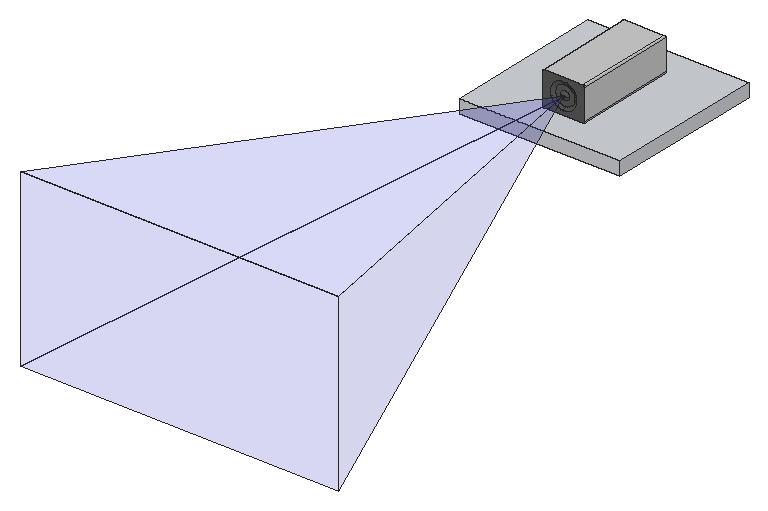
Revit family "Camera-Security-Canon-Box", category Security Devices, host Face, Revit 2012
Parameters (values of type "2.1 MP, Standard")
  zz YesNo 9 [instance] = 1 = 0  # no
  zz YesNo 8 [instance] = and(zz YesNo 10)  # no
  zz YesNo 7 [instance] = and(not(zz YesNo 10), Has 16 x 9 Wide Field of View)  # no
  zz YesNo 6 [instance] = and(not(zz YesNo 10), or(zz Integer 1 = 4, zz Integer 1 = 5))  # no
  zz YesNo 5 [instance] = and(not(zz YesNo 10), or(Has Wall Mount with Roof Adapter and Sun Shield, Has Wall Mount with Ceiling Adaptor and Sun Shield, Has Wall Mount with Sun Shield, Has Stainless Steel Wall Mount with Heater and Blower and Sun Shield, Has Steel Wall Mount with Heater and Blower and Sun Shield))  # no
  zz YesNo 4 [instance] = and(not(Unit is Wall Mounted), zz YesNo 15)  # no
  zz YesNo 3 [instance] = and(not(zz YesNo 10), or(zz Integer 1 = 1, zz Integer 1 = 2, zz Integer 1 = 3))  # no
  zz YesNo 2 [instance] = and(not(zz YesNo 10))  # yes
  zz YesNo 19 [instance] = and(or(zz Integer 2 = 1, zz Integer 2 = 4), or(zz Integer 1 = 1, zz Integer 1 = 2, zz Integer 1 = 3))  # no
  zz YesNo 18 [instance] = and(not(zz YesNo 10), Has 4 x 3 Narrow Field of View)  # yes
  zz YesNo 17 [instance] = and(not(Unit is Wall Mounted), zz YesNo 11)  # no
  zz YesNo 16 [instance] = and(not(zz YesNo 10), or(zz Integer 1 = 2))  # no
  zz YesNo 15 [instance] = or(zz YesNo 6, zz YesNo 11)  # no
  zz YesNo 14 [instance] = and(and(Unit is Wall Mounted), zz YesNo 15)  # no
  zz YesNo 13 [instance] = and(not(zz YesNo 10), or(zz Integer 1 = 3))  # no
  zz YesNo 12 [instance] = not(1 = (if(Has No Mount, 1, 0) + if(Has Generic Wall Mount Bracket Hanging, 1, 0) + if(zz YesNo 9, 1, 0) + if(Has Wall Mount, 1, 0) + if(Has Wall Mount with Ceiling Adaptor, 1, 0) + if(Has Wall Mount with Roof Adaptor, 1, 0) + if(Has Generic Ceiling Mount Bracket, 1, 0) + if(Has Wall Mount with Sun Shield, 1, 0) + if(Has Wall Mount with Ceiling Adaptor and Sun Shield, 1, 0) + if(Has Wall Mount with Roof Adapter and Sun Shield, 1, 0) + if(Has Steel Wall Mount with Heater and Blower and Sun Shield, 1, 0) + if(Has Steel Wall Mount with Heater and Blower, 1, 0) + if(Has Stainless Steel Wall Mount with Heater and Blower and Sun Shield, 1, 0) + if(Has Stainless Steel Wall Mount with Heater and Blower, 1, 0)))  # no
  zz YesNo 11 [instance] = and(not(zz YesNo 10), or(zz Integer 1 = 5, zz Integer 1 = 6))  # no
  zz YesNo 10 [instance] = or(zz YesNo 12, zz YesNo 19)  # no
  zz YesNo 1 [instance] = and(not(zz YesNo 10), Has Field of View)  # yes
  zz Text 6 [instance] = if(zz Integer 2 = 1, "VB-S900F", if(zz Integer 2 = 2, "VB-M720F", if(zz Integer 2 = 3, "VB-H730F", if(zz Integer 2 = 4, "VB-S905F", "Not Available"))))  # "VB-H730F"
  zz Text 5 [instance] = "ERROR: Micro boxes are not compatible with the Box Mounts"  # constant formula
  zz Text 4 [instance] = if(zz YesNo 12, zz Text 3, if(zz YesNo 19, zz Text 5, "Available"))  # "Available"
  zz Text 3 [instance] = "ERROR: Select One Mount Option"  # constant formula
  zz Text 2 [instance] = if(and(zz Integer 1 = 1, Has Steel Wall Mount with Heater and Blower), "A-OH15FBHSET(OW)", if(and(zz Integer 1 = 1, Has Steel Wall Mount with Heater and Blower and Sun Shield), "A-OH15FBHSET(OW) with A-SY15", if(and(zz Integer 1 = 1, Has Stainless Steel Wall Mount with Heater and Blower), "A-OH15FBHSET-S(OW)", if(and(zz Integer 1 = 1, Has Stainless Steel Wall Mount with Heater and Blower and Sun Shield), "A-OH15FBHSET-S(OW) with A-SY15", if(and(Has Wall Mount with Sun Shield, zz Integer 1 = 1), "A-OH15F with A-SY15", if(zz Integer 1 = 1, "A-OH15F", if(and(Has Wall Mount with Ceiling Adaptor and Sun Shield, zz Integer 1 = 2), "A-CA15G with A-SY15", if(zz Integer 1 = 2, "A-CA15G", if(and(Has Wall Mount with Roof Adapter and Sun Shield, zz Integer 1 = 3), "A-CA15G With A-SY15", if(zz Integer 1 = 3, "A-CA15G", if(zz Integer 1 = 4, "Generic Mount Bracket", if(zz Integer 1 = 6, "Generic Mount Bracket", if(zz Integer 1 = 5, "Generic Mount Bracket", "None Selected")))))))))))))  # "None Selected"
  zz Text 1 [instance] = if(or(zz Integer 2 = 2, zz Integer 2 = 4), "1.3 Megapixel Network Box Camera", if(or(zz Integer 2 = 1, zz Integer 2 = 3), "2.1 Megapixel Network Box Camera", "Not Available"))  # "2.1 Megapixel Network Box Camera"
  zz Length 9 = if(zz Integer 2 = 1, 1.250", if(zz Integer 2 = 2, 3.150", if(zz Integer 2 = 3, 3.150", if(zz Integer 2 = 4, 1.250", 2.130"))))  # 3.150"
  zz Length 82 [instance] = zz Length 30 - 3.132" - zz Length 36  # 12.808"
  zz Length 81 [instance] = (zz Length 30 - zz Length 73) + (zz Length 6 / 2) + 1.322"  # 22.142"
  zz Length 80 [instance] = 100.000"
  zz Length 8 [instance] = 1.000"  # constant formula
  zz Length 79 = 6.275"  # constant formula
  zz Length 78 [instance] = if(0 = 0, 0, 0) * 0.000"  # 0.000"
  zz Length 77 = 3.116"  # constant formula
  zz Length 76 [instance] = (zz Length 30 - zz Length 73) + (zz Length 6 / 2) + 1.322"  # 22.142"
  zz Length 75 [instance] = if(zz Integer 1 = 0, 0.000", if(zz Integer 1 = 1, -(1.952" + zz Length 36), if(zz Integer 1 = 2, 1.952", if(zz Integer 1 = 3, -(1.952" + zz Length 36), if(zz Integer 1 = 4, -zz Length 36, if(zz Integer 1 = 5, 0.000", if(zz Integer 1 = 6, -zz Length 36, zz Length 36)))))))  # 0.000"
  zz Length 74 [instance] = zz Length 15  # 8.742"
  zz Length 73 = 1.125"  # constant formula
  zz Length 72 [instance] = if(1 = 1, 1, 1) * zz Length 13  # 100.000"
  zz Length 71 = -6.085"  # constant formula
  zz Length 70 [instance] = if(1 = 1, 1, 1) * zz Length 80  # 100.000"
  zz Length 7 [instance] = zz Length 27  # 17.375"
  zz Length 69 = 6.150"  # constant formula
  zz Length 68 [instance] = if(0 = 0, 0, 0) * 0.000"  # 0.000"
  zz Length 67 = 6.275"  # constant formula
  zz Length 66 = 10.107" - 1.365"  # 8.742"
  zz Length 65 = 1.153"  # constant formula
  zz Length 64 [instance] = zz Length 30  # 18.500"
  zz Length 63 [instance] = zz Length 40  # 2.560"
  zz Length 62 = -1.153"  # constant formula
  zz Length 61 [instance] = (zz Length 20 / 2) + zz Length 10 - zz Length 26 - 1.155"  # 8.661"
  zz Length 60 [instance] = 0.250"  # constant formula
  zz Length 6 = 6.890"  # constant formula
  zz Length 59 [instance] = zz Length 3  # 4.000"
  zz Length 58 [instance] = (zz Length 66 / 1)  # 8.742"
  zz Length 57 [instance] = zz Length 27  # 17.375"
  zz Length 56 [instance] = ((zz Length 31 / 2) * cos(90.000° - zz Angle 19)) * if(zz Integer 1 = 1, 1, 0)  # 0.000"
  zz Length 55 = 0.500"  # constant formula
  zz Length 54 [instance] = if(1 = 1, 1, 1) * zz Length 21  # 100.000"
  zz Length 53 = 3.200"  # constant formula
  zz Length 52 = 2.305"  # constant formula
  zz Length 51 [instance] = 0.000"  # constant formula
  zz Length 50 [instance] = 0.250" + if(zz YesNo 10, 12.000", 0.000")  # 0.250"
  zz Length 5 [instance] = if(1 = 1, 1, 1) * zz Length 25  # 100.000"
  zz Length 49 [instance] = (zz Length 20 / 2) + zz Length 26 + 1.155"  # 6.167"
  zz Length 48 = 0.000" + 20.000"  # 20.000"
  zz Length 47 [instance] = (zz Length 30 - zz Length 73)  # 17.375"
  zz Length 46 [instance] = zz Length 51 * (2) + if(zz Integer 1 = 0, zz Length 44, if(zz Integer 1 = 1, zz Length 57, if(zz Integer 1 = 2, zz Length 7, if(zz Integer 1 = 3, zz Length 12, if(zz Integer 1 = 4, zz Length 82, if(zz Integer 1 = 5, zz Length 78, if(zz Integer 1 = 6, zz Length 64, 0.000")))))))  # 18.500"
  zz Length 45 [instance] = zz Length 66  # 8.742"
  zz Length 44 [instance] = zz Length 30  # 18.500"
  zz Length 43 = 1.153"  # constant formula
  zz Length 42 [instance] = 0.000"  # constant formula
  zz Length 41 = -6.085"  # constant formula
  zz Length 40 [instance] = zz Length 51 * (2) + if(zz Integer 1 = 0, zz Length 33, if(zz Integer 1 = 1, zz Length 45, if(zz Integer 1 = 2, zz Length 16, if(zz Integer 1 = 3, zz Length 74, if(zz Integer 1 = 4, zz Length 35, if(zz Integer 1 = 5, zz Length 68, if(zz Integer 1 = 6, zz Length 59, 0.000")))))))  # 2.560"
  zz Length 4 = 0.500"  # constant formula
  zz Length 39 = 4.893"  # constant formula
  zz Length 38 = 2.632"  # constant formula
  zz Length 37 [instance] = 0.250" + if(zz YesNo 10, 12.000", 0.000")  # 0.250"
  zz Length 36 = if(zz Integer 2 = 1, 2.125", if(zz Integer 2 = 2, 2.560", if(zz Integer 2 = 3, 2.560", if(zz Integer 2 = 4, 2.125", 1.260"))))  # 2.560"
  zz Length 35 [instance] = zz Length 3 + zz Length 4  # 4.500"
  zz Length 34 = 1.732"  # constant formula
  zz Length 33 [instance] = zz Length 36  # 2.560"
  zz Length 32 = -1.153"  # constant formula
  zz Length 31 = if(zz Integer 2 = 1, 4.490", if(zz Integer 2 = 2, 7.560", if(zz Integer 2 = 3, 7.560", if(zz Integer 2 = 4, 4.490", 4.490"))))  # 7.560"
  zz Length 30 [instance] = 18.500"  # constant formula
  zz Length 3 = 4.000"  # constant formula
  zz Length 29 [instance] = if(1 = 1, 1, 1) * zz Length 18  # 100.000"
  zz Length 28 = 0.736"  # constant formula
  zz Length 27 [instance] = if(zz Integer 1 = 1, zz Length 47, if(zz Integer 1 = 2, zz Length 76, if(zz Integer 1 = 3, zz Length 81, zz Length 47)))  # 17.375"
  zz Length 26 = 0.157"  # constant formula
  zz Length 25 [instance] = 100.000"
  zz Length 24 [instance] = if(1 = 1, 1, 1) * zz Length 17  # 100.000"
  zz Length 23 = 6.529"  # constant formula
  zz Length 22 [instance] = if(zz Integer 1 = 1, ((zz Length 31 / 2) * sin(90.000° - zz Angle 19)), (zz Length 31 / 2))  # 3.780"
  zz Length 21 [instance] = 100.000"
  zz Length 20 = 9.710"  # constant formula
  zz Length 2 [instance] = 0.250" + if(zz YesNo 10, 12.000", 0.000")  # 0.250"
  zz Length 19 = 2.280"  # constant formula
  zz Length 18 [instance] = 100.000"
  zz Length 17 [instance] = 100.000"
  zz Length 16 [instance] = zz Length 15  # 8.742"
  zz Length 15 [instance] = if(zz Integer 1 = 1, zz Length 58, if(zz Integer 1 = 2, zz Length 61, if(zz Integer 1 = 3, zz Length 49, zz Length 58)))  # 8.742"
  zz Length 14 = -5.960"  # constant formula
  zz Length 13 [instance] = 100.000"
  zz Length 12 [instance] = zz Length 27  # 17.375"
  zz Length 11 [instance] = (-zz Length 75 - (zz Length 36 / 2))  # -1.280"
  zz Length 10 = 5.118"  # constant formula
  zz Length 1 [instance] = -(-zz Length 30 + zz Length 46) - (zz Length 75 * if(or(zz Integer 1 = 1, zz Integer 1 = 2, zz Integer 1 = 3, zz Integer 1 = 4, zz Integer 1 = 6), 0, if(zz Integer 1 = 4, -2, 1)))  # 0.000"
  zz Integer 2 = 3
  zz Integer 1 [instance] = if(or(Has Wall Mount, Has Wall Mount with Sun Shield, Has Stainless Steel Wall Mount with Heater and Blower, Has Stainless Steel Wall Mount with Heater and Blower and Sun Shield, Has Steel Wall Mount with Heater and Blower, Has Steel Wall Mount with Heater and Blower and Sun Shield), 1, if(or(Has Wall Mount with Ceiling Adaptor, Has Wall Mount with Ceiling Adaptor and Sun Shield), 2, if(or(Has Wall Mount with Roof Adaptor, Has Wall Mount with Roof Adapter and Sun Shield), 3, if(Has Generic Wall Mount Bracket Hanging, 4, if(zz YesNo 9, 5, if(Has Generic Ceiling Mount Bracket, 6, 0))))))  # 0
  zz Force 2 [instance] = if(zz Integer 2 = 1, 0.390 lbf, if(zz Integer 2 = 2, 1.550 lbf, if(zz Integer 2 = 3, 1.480 lbf, 0.170 lbf)))  # 1.480 lbf
  zz Force 1 [instance] = 0.000 lbf  # constant formula
  zz Angle 9 [instance] = if(0 = 0, 0, 0) * 0.000°  # 0.000°
  zz Angle 8 [instance] = if(zz Integer 2 = 1, 60.500°, if(zz Integer 2 = 2, 25.600°, if(zz Integer 2 = 3, 20.600°, 0.170°)))  # 20.600°
  zz Angle 7 [instance] = if(not(zz YesNo 10), if(zz Angle 16 < 45.000°, 45.000°, if(zz Angle 16 > 110.000°, 110.000°, zz Angle 16)), 90.000°) * (if(zz Integer 1 = 1, -1, 1)) + (if(zz Integer 1 = 1, 180.000°, 0.000°))  # 90.000°
  zz Angle 6 [instance] = zz Angle 20 + (-zz Angle 7 - 90.000°)  # -90.000°
  zz Angle 5 [instance] = if(zz Integer 1 = 1, -zz Angle 2, 0.000°)  # 0.000°
  zz Angle 4 [instance] = zz Angle 26 - 90.000°  # 0.000°
  zz Angle 34 [instance] = zz Angle 7 - 90.000° + zz Angle 20  # 90.000°
  zz Angle 33 [instance] = -(zz Angle 7 - 90.000°)  # 0.000°
  zz Angle 32 [instance] = 270.000° - zz Angle 26  # 180.000°
  zz Angle 31 [instance] = 0.000°  # constant formula
  zz Angle 30 [instance] = zz Angle 26 - 90.000°  # 0.000°
  zz Angle 3 [instance] = 0.000°  # constant formula
  zz Angle 29 [instance] = if(zz Integer 1 = 1, zz Angle 2, 0.000°)  # 0.000°
  zz Angle 28 [instance] = if(zz Integer 2 = 1, 60.500°, if(zz Integer 2 = 2, 75.600°, if(zz Integer 2 = 3, 60.800°, 0.170°)))  # 60.800°
  zz Angle 27 [instance] = if(zz Integer 1 = 2, 0.000°, zz Angle 20)  # 90.000°
  zz Angle 26 [instance] = if(not(zz YesNo 10), if(zz Angle 18 < 30.000°, 30.000°, if(zz Angle 18 > 140.000°, 140.000°, zz Angle 18)), 90.000°) + if(zz Integer 1 = 3, 180.000°, 0.000°)  # 90.000°
  zz Angle 25 [instance] = if(zz Integer 1 = 1, Field of View Vertical, Field of View Horizontal)  # 36.700°
  zz Angle 24 [instance] = -90.000°  # constant formula
  zz Angle 23 [instance] = if(zz Integer 1 = 0, zz Angle 24, if(zz Integer 1 = 1, zz Angle 33, if(zz Integer 1 = 2, zz Angle 6, if(zz Integer 1 = 3, zz Angle 34, if(zz Integer 1 = 4, zz Angle 31, if(zz Integer 1 = 5, zz Angle 14, if(zz Integer 1 = 6, zz Angle 22, 0.000°)))))))  # -90.000°
  zz Angle 22 [instance] = -90.000°  # constant formula
  zz Angle 21 [instance] = if(zz Integer 2 = 1, 96.000°, if(zz Integer 2 = 2, 102.500°, if(zz Integer 2 = 3, 112.600°, 0.170°)))  # 112.600°
  zz Angle 20 [instance] = if(zz Integer 1 = 1, 90.000°, if(zz Integer 1 = 2, 180.000°, if(zz Integer 1 = 3, 0.000°, 90.000°)))  # 90.000°
  zz Angle 2 [instance] = zz Angle 19 * if(or(zz Integer 1 = 2, zz Integer 1 = 3), 1, -1)  # 0.000°
  zz Angle 19 [instance] = if(zz Integer 1 = 0, zz Angle 3, if(zz Integer 1 = 1, zz Angle 30, if(zz Integer 1 = 2, zz Angle 32, if(zz Integer 1 = 3, zz Angle 4, if(zz Integer 1 = 4, zz Angle 17, if(zz Integer 1 = 5, zz Angle 9, if(zz Integer 1 = 6, zz Angle 10, 0.000°)))))))  # 0.000°
  zz Angle 18 [instance] = if(1 = 1, 1, 1) * Rotation Desired + 90.000°  # 90.000°
  zz Angle 17 [instance] = 0.000°  # constant formula
  zz Angle 16 [instance] = if(1 = 1, 1, 1) * Tilt Desired + 90.000°  # 90.000°
  zz Angle 15 [instance] = if(zz Integer 1 = 1, 90.000°, 0.000°)  # 0.000°
  zz Angle 14 [instance] = if(0 = 0, 0, 0) * 0.000°  # 0.000°
  zz Angle 13 [instance] = if(zz Integer 1 = 1, Field of View Horizontal, Field of View Vertical)  # 20.600°
  zz Angle 12 [instance] = if(zz Integer 2 = 1, 96.000°, if(zz Integer 2 = 2, 34.200°, if(zz Integer 2 = 3, 36.700°, 0.170°)))  # 36.700°
  zz Angle 11 = 90.000°  # constant formula
  zz Angle 10 [instance] = 0.000°  # constant formula
  zz Angle 1 [instance] = zz Angle 23 + (zz Angle 27 - 90.000°)  # -90.000°
  Width = zz Length 36  # 2.560"
  Weight [instance] = zz Force 2 + zz Force 1  # 1.480 lbf
  Unit is Wall Mounted [instance] = yes
  Tilt Desired [instance] = 0.000°
  Shutter Speed = if(or(zz Integer 2 = 2, zz Integer 2 = 3), "1, 1/2, 1/4, 1/8, 1/15, 1/30, 1/60, 1/100, 1/120, 1/250, 1/500, 1/1000, 1/2000, 1/4000, 1/8000, 1/16000 sec.", if(or(zz Integer 2 = 1, zz Integer 2 = 4), "1, 1/2, 1/4, 1/8, 1/15, 1/30, 1/60, 1/100, 1/120, 1/250, 1/500, 1/1000, 1/2000, 1/4000, 1/8000, 1/10000, 1/16000 sec.", "Not Available"))  # "1, 1/2, 1/4, 1/8, 1/15, 1/30, 1/60, 1/100, 1/120, 1/250, 1/500, 1/1000, 1/2000, 1/4000, 1/8000, 1/16000 sec."
  Rotation Desired [instance] = 0.000°
  Mount Selection [instance] = if(zz YesNo 10, zz Text 4, if(Has Wall Mount, "Wall Mount", if(Has Wall Mount with Ceiling Adaptor, "Wall Mount with Ceiling Adaptor", if(Has Wall Mount with Roof Adaptor, "Wall Mount with Roof Adaptor", if(Has Generic Wall Mount Bracket Hanging, "GenericHanging Wall Mount Bracket", if(zz YesNo 9, "Cantilever Wall Mount Bracket", if(Has Generic Ceiling Mount Bracket, "Generic Ceiling Mount Bracket", if(Has Wall Mount with Sun Shield, "Wall Mount with Sun Shield", if(Has Wall Mount with Roof Adapter and Sun Shield, "Wall Mount with Roof Adapter and Sun Shield", if(Has Wall Mount with Ceiling Adaptor and Sun Shield, "Wall Mount with Ceiling Adaptor and Sun Shield", if(Has Stainless Steel Wall Mount with Heater and Blower, "Stainless Steel Wall Mount with Heater and Blower", if(Has Stainless Steel Wall Mount with Heater and Blower and Sun Shield, "Stainless Steel Wall Mount with Heater and Blower and Sun Shield", if(Has Steel Wall Mount with Heater and Blower, "Steel Wall Mount with Heater and Blower", if(Has Steel Wall Mount with Heater and Blower and Sun Shield, "Steel Wall Mount with Heater and Blower and Sun Shield", "No Mount"))))))))))))))  # "No Mount"
  Lens Type = "Fixed"  # constant formula
  IPv4 Protocol = "TCP/IP, UDP, HTTP, FTP, SNMP (MIB2), SMTP (Client), DHCP (Client), DNS (Client), ARP, ICMP, POP3, NTP, SMTP Authentication, RTSP, WV-HTTP (Canon Proprietary), ONVIF"  # constant formula
  Has Wall Mount with Sun Shield [instance] = no
  Has Wall Mount with Roof Adapter and Sun Shield [instance] = no
  Has Wall Mount with Ceiling Adaptor and Sun Shield [instance] = no
  Has Steel Wall Mount with Heater and Blower and Sun Shield [instance] = no
  Has Steel Wall Mount with Heater and Blower [instance] = no
  Has Stainless Steel Wall Mount with Heater and Blower and Sun Shield [instance] = no
  Has Stainless Steel Wall Mount with Heater and Blower [instance] = no
  Has Generic Wall Mount Bracket Hanging [instance] = no
  Has Generic Ceiling Mount Bracket [instance] = no
  Has Field of View [instance] = yes
  Field of View Vertical [instance] = if(Has 16 x 9 Wide Field of View, if(zz Integer 2 = 1, 60.500°, if(zz Integer 2 = 2, 75.600°, if(zz Integer 2 = 3, 60.800°, if(zz Integer 2 = 4, 60.500°, 45.000°)))), if(zz Integer 2 = 1, 60.500°, if(zz Integer 2 = 2, 25.600°, if(zz Integer 2 = 3, 20.600°, if(zz Integer 2 = 4, 60.500°, 45.000°)))))  # 20.600°
  Field of View Range [instance] = 36.000"
  URL = "http://www.usa.canon.com/cusa/home"
  Scanning System = "Progressive"  # constant formula
  Resolution = if(or(zz Integer 2 = 1, zz Integer 2 = 3), "JPEG, H.264: 1920x1080, 1280x920, 1280x720, 960x5440, 640x480, 640x360, 480x270, 320x240, 320x180", if(or(zz Integer 2 = 2, zz Integer 2 = 4), "JPEG, H.264: 1280 x 720, 640 x 360, 320 x 180, 1280 x 960, 640 x 480, 320 x 240", "Not Available"))  # "JPEG, H.264: 1920x1080, 1280x920, 1280x720, 960x5440, 640x480, 640x360, 480x270, 320x240, 320x180"
  Product Page URL = "http://www.usa.canon.com/cusa/support/professional/security_video_solutions/network_cameras/vb_h730f"
  Product Documentation Link = "http://www.usa.canon.com/cusa/support/professional/security_video_solutions/network_cameras/vb_h730f#Specifications"
  Part Number [instance] = if(zz YesNo 10, zz Text 4, zz Text 6)  # "VB-H730F"
  Part Description [instance] = if(zz YesNo 10, zz Text 4, zz Text 1)  # "2.1 Megapixel Network Box Camera"
  Operating Conditions = "Temperature:  -10°C - +50°C (+14°F - +122°F); Humidity: 5% - 85% (Without Condensation)"  # constant formula
  Mount Part Number [instance] = if(zz YesNo 10, zz Text 4, zz Text 2)  # "None Selected"
  Model Disclaimer = "This 3D model is a simulation of a highly customizable piece of Canon equipment. For assistance in selecting the right Canon equipment for your project, please contact Canon U.S.A., Inc."  # constant formula
  Model = "See Part Number"  # constant formula
  Minimum Illumination = 0.45 lx  # constant formula
  Megapixels = if(or(zz Integer 2 = 4, zz Integer 2 = 2), "1.3", "2.1")  # "2.1"
  Maximum Framerate = "JPEG: 0.1 - 30 fps; H.263: 1/2/3/5/6/10/15/30 fps"  # constant formula
  Manufacturer = "Canon U.S.A., Inc."  # constant formula
  Image Sensor = "1/3 type CMOS (Primary Color Filter)"  # constant formula
  Height = zz Length 9  # 3.150"
  Has 4 x 3 Narrow Field of View [instance] = not(Has 16 x 9 Wide Field of View)  # yes
  Has 16 x 9 Wide Field of View [instance] = no
  Field of View Horizontal [instance] = if(Has 16 x 9 Wide Field of View, if(zz Integer 2 = 1, 96.000°, if(zz Integer 2 = 2, 102.500°, if(zz Integer 2 = 3, 112.600°, if(zz Integer 2 = 4, 96.000°, 45.000°)))), if(zz Integer 2 = 1, 96.000°, if(zz Integer 2 = 2, 34.200°, if(zz Integer 2 = 3, 36.700°, if(zz Integer 2 = 4, 96.000°, 45.000°)))))  # 36.700°
  Family Version = "1.0"  # constant formula
  Equipment Number [instance] = ""
  Equipment Abbreviation = "SC"
  Effective Pixels = if(zz Integer 2 = 2, "1.3 Million Pixels", "2.1 Million Pixels")  # "2.1 Million Pixels"
  Description = "See Part Description"  # constant formula
  Default Elevation = 48.000"
  Day and Night = "Auto/Manual"  # constant formula
  Date Modified = "September 15, 2014"  # constant formula
  Date Created = "September 15, 2014"  # constant formula
  Copyright = "Copyright ©2014 Canon U.S.A., Inc."  # constant formula
  Audio In = "Φ3.5mm (Φ0.14 in.) Mini-Jack Connector (Monaural), Switch Line IN/MIC IN in the Setting Page. LINE IN x 1 (Connect to an Amplifier Microphone) or MIC IN x 1 (Connect to a Microphone w/o Amplifier)"  # constant formula
  Angular Field of View = if(zz Integer 2 = 1, "Horizontal: 96° (W) - 96° (T); Vertical: 60.5° (W) - 60.5° (T)", if(zz Integer 2 = 2, "Horizontal: 102.5° (W) - 34.2° (T); Vertical: 75.6° (W) – 25.6° (T)", if(zz Integer 2 = 3, "Horizontal: 112.6° (W) - 36.7° (T); Vertical: 60.8° (W) - 20.6° (T)", if(zz Integer 2 = 4, "Horizontal: 96° (W) - 96° (T); Vertical: 60.5° (W) - 60.5° (T)", "Not Available"))))  # "Horizontal: 112.6° (W) - 36.7° (T); Vertical: 60.8° (W) - 20.6° (T)"
  Alarm Triggers = "External Device Input, Intelligent Function (Video), Intelligent Function (Volume), Timer"  # constant formula
  Has No Mount [instance] = zz Integer 1 = 0  # yes
  Has Wall Mount with Roof Adaptor [instance] = no
  Has Wall Mount with Ceiling Adaptor [instance] = no
  Has Wall Mount [instance] = no
Reference planes (in)
  plane 1 "Center (Front/Back)": y = 0
  plane 2 "Center (Elevation)": z = 0
  plane 3 "Center (Left/Right)": x = 0
  plane 4: z = 0
  plane 5: z = 9.71
  plane 6: y = -6.529
  plane 7: y = -2.28
  plane 8: z = 8.742
  plane 9: y = -1.125
  plane 10: x = -1.1525
  plane 11: x = 1.1525
  plane 12: z = 0
  plane 13 "Box Center": y = 0
  plane 14: z = 0.5
  plane 15: z = 4
  plane 16: x = 0.866
  plane 17: x = -0.866
  plane 18: y = -18.5
  plane 19: z = 2.56
  plane 20: y = 0
  plane 21: y = -18.5
  plane 22 "FOV Center (Left/Right)": x = 0
  plane 23 "FOV Center (Front/Back)": y = 0
  plane 24 "FOV Center (Elevation)": z = 2.56
  plane 25: z = 0.736
  plane 26: z = 3.2
  plane 27: y = -4.893
  plane 28: y = -3.116
  plane 29: through (-70.71068, -180, -70.71068) normal (-0.7071, 0, 0.7071)
  plane 30: through (70.71068, -180, -70.71068) normal (-0.7071, 0, -0.7071)
  plane 31: through (0, -70.71068, -70.71068) normal (0, -0.7071, 0.7071)
  plane 32: through (0, 70.71068, -70.71068) normal (0, -0.7071, -0.7071)
  plane 33: through (-70.71068, -70.71068, 48) normal (-0.7071, 0.7071, 0)
  plane 34: through (70.71068, -70.71068, 48) normal (-0.7071, -0.7071, 0)
  plane 35: z = 4.855
  plane 36: y = 4.61
  plane 37: z = 9.973
  plane 38: z = 8.742
  plane 39: y = -1.125
Forms (in)
  Extrusion 1, solid
    sketch origin (0, 0, 0) x (1, 0, 0) y (0, 1, 0)
      loop
        line (-6, 6) -> (-6, -6) -> (6, -6) -> (6, 6) -> (-6, 6)
    from 0 to -1
  Extrusion 2, solid, material "Plastic - Canon - Grey", visible <- "zz YesNo 3"
    sketch origin (0, 0, 0) x (0, 1, 0) y (0, 0, 1)
      loop
        line (-4.893, 3.2) -> (-6.529, 0.736) -> (-6.529, 0) -> (-2.28, 0) -> (-2.28, 9.71) -> (-3.116, 9.71) -> (-4.893, 3.2)
    from -1.1525 to 1.1525
  Revolve 3, solid, material "Plastic - Canon - Grey", visible <- "zz YesNo 15"
    sketch origin (0, 0, 0) x (0, 1, 0) y (0, 0, 1)
      loop
        line (0, 0) -> (1, 0) -> (1, 0.5) -> (0, 0.5) -> (0, 0)
      axis (0, 0) -> (0, 0.5)
    angle from 0 to 360
  Extrusion 4, solid, material "Plastic - Canon - Grey", visible <- "zz YesNo 13"
    sketch origin (0, 0, 0) x (0, 1, 0) y (0, 0, 1)
      loop
        line (4.61, 5.012) -> (-2.123, 5.012) -> (-2.123, 9.973) -> (-2.28, 9.973) -> (-2.28, 4.855) -> (4.61, 4.855) -> (4.61, 5.012)
    from -0.866 to 0.866
  Sweep 5, solid, material "Plastic - Canon - Grey", visible <- "zz YesNo 6"
    path origin (0, 0, 0) x (0, 1, 0) y (0, 0, 1)
      loop
        line (0, 0.5) -> (0, 4)
        arc (0, 4) -> (-0.14645, 4.35355) -> (-0.5, 4.5) r 0.5
        line (-0.5, 4.5) -> (-3.132, 4.5)
    profile origin (0, -1.816, 4.5) x (0, 0, -1) y (1, 0, 0)
      loop
        circle (0, 0) r 0.25
  Extrusion 6, solid, material "Error Box", visible <- "zz YesNo 8"
    sketch origin (0, 0, 0) x (1, 0, 0) y (0, 1, 0)
      loop
        line (-0.125, 0.125) -> (-0.125, -0.125) -> (0.125, -0.125) -> (0.125, 0.125) -> (-0.125, 0.125)
    from 0 to 0.25 <- "zz Length 2"
  Revolve 7, solid, material "Plastic - Canon - Grey", visible <- "zz YesNo 11"
    sketch origin (0, 0, 0) x (0, 1, 0) y (0, 0, 1)
      loop
        line (0, 4) -> (0, 0.5) -> (0.25, 0.5) -> (0.25, 4) -> (0, 4)
      axis (0, 0.5) -> (0, 4)
    angle from 0 to 360
  Extrusion 8, solid, material "Plastic - Canon - Grey", visible <- "zz YesNo 16"
    sketch origin (0, 0, 51.89) x (0, -1, 0) y (0, 0, -1)
      loop
        line (-4.61, 42.074) -> (-4.61, 41.917) -> (2.28, 41.917) -> (2.28, 47.035) -> (2.123, 47.035) -> (2.123, 42.074) -> (-4.61, 42.074)
    from -0.866 to 0.866
Lines and regions (in)
  Masking region 1, visible <- "zz YesNo 4"
    outline origin (0, 0, 0) x (1, 0, 0) y (0, 0, 1)
      loop
        line (-1, 0.5) -> (-1, 0) -> (1, 0) -> (1, 0.5) -> (-1, 0.5)
  Masking region 2, visible <- "zz YesNo 14"
    outline origin (0, 0, 0) x (1, 0, 0) y (0, 1, 0)
      loop
        circle (0, 0) r 1
  Masking region 3, visible <- "zz YesNo 17"
    outline origin (0, 0, 0) x (1, 0, 0) y (0, 0, 1)
      loop
        line (-0.25, 4) -> (-0.25, 0.5) -> (0.25, 0.5) -> (0.25, 4) -> (-0.25, 4)
  reference lines
    curve 1: line (-106.06602, 100, 106.06602) -> (106.06602, 100, -106.06602)
    curve 2: line (106.06602, -100, 106.06602) -> (-106.06602, -100, -106.06602)
    curve 3: line (-100, -106.06602, 106.06602) -> (-100, 106.06602, -106.06602)
    curve 4: line (100, 106.06602, 106.06602) -> (100, -106.06602, -106.06602)
    curve 5: line (-106.06602, 106.06602, 100) -> (106.06602, -106.06602, 100)
    curve 6: line (-106.06602, -106.06602, -100) -> (106.06602, 106.06602, -100)
    curve 7: line (0, -1.125, 8.742) -> (0, -1.125, 20.742)
    curve 8: line (0, 0, 2.56) -> (0, 0, -12.44)
    curve 9: line (0, 0, 2.56) -> (0, 7, 2.56)
    curve 10: line (0, 0, 2.56) -> (0, 0, 15.31)
Dimensions and locks (in)
  "zz Length 20": plane 5 to plane 4
  "zz Length 23": plane 6 to plane 13 "Box Center"
  "zz Length 19": plane 7 to plane 13 "Box Center"
  "zz Length 66": plane 8 to plane 4
  "zz Length 73": plane 9 to plane 13 "Box Center"
  equal spacing: plane 11, plane 3 "Center (Left/Right)", plane 10
  "zz Length 52": plane 11 to plane 10
  "zz Length 51": plane 1 "Center (Front/Back)" to plane 13 "Box Center"
  "zz Length 55": plane 14 to plane 12
  "zz Length 3": plane 15 to plane 12
  equal spacing: plane 17, plane 3 "Center (Left/Right)", plane 16
  "zz Length 34": plane 17 to plane 16
  "zz Length 30": plane 18 to plane 1 "Center (Front/Back)"
  locked: Sweep 5 sketch curve to plane 15 at 0.5
  "zz Length 40": plane 19 to plane 2 "Center (Elevation)"
  "zz Length 30": plane 21 to plane 1 "Center (Front/Back)"
  "zz Length 46": plane 21 to plane 20
  locked: Sweep 5 sketch curve to plane 1 "Center (Front/Back)" at 3.132
  "zz Length 51": plane 24 "FOV Center (Elevation)" to plane 19
  "zz Length 51": plane 1 "Center (Front/Back)" to plane 23 "FOV Center (Front/Back)"
  "zz Length 51": plane 3 "Center (Left/Right)" to plane 22 "FOV Center (Left/Right)"
  equal spacing: Extrusion 6 sketch curve, plane 3 "Center (Left/Right)", Extrusion 6 sketch curve
  "zz Length 37": Extrusion 6 sketch curve to Extrusion 6 sketch curve
  equal spacing: Extrusion 6 sketch curve, plane 1 "Center (Front/Back)", Extrusion 6 sketch curve
  "zz Length 2": Extrusion 6 sketch curve to Extrusion 6 sketch curve
  "zz Length 28": plane 25 to plane 4
  "zz Length 53": plane 26 to plane 4
  "zz Length 39": plane 27 to plane 13 "Box Center"
  "zz Length 77": plane 28 to plane 13 "Box Center"
  "zz Length 8": plane 1 "Center (Front/Back)" to Revolve 3 sketch curve
  "zz Length 60": plane 1 "Center (Front/Back)" to Revolve 7 sketch curve
  equal spacing: plane 4, plane 12, level
  plane 4 to plane 12 = 0.000"
  "zz Length 51": plane 4 to level
  equal spacing: curve 1, plane 29, curve 1
  locked: curve 1 to curve 1 at 300
  "zz Length 21": plane 23 "FOV Center (Front/Back)" to curve 1
  equal spacing: curve 2, plane 30, curve 2
  locked: curve 2 to curve 2 at 300
  "zz Length 13": curve 2 to plane 23 "FOV Center (Front/Back)"
  equal spacing: curve 3, plane 31, curve 3
  locked: curve 3 to curve 3 at 300
  "zz Length 80": curve 3 to plane 22 "FOV Center (Left/Right)"
  equal spacing: curve 4, plane 32, curve 4
  locked: curve 4 to curve 4 at 300
  "zz Length 17": plane 22 "FOV Center (Left/Right)" to curve 4
  equal spacing: curve 5, plane 33, curve 5
  locked: curve 5 to curve 5 at 300
  "zz Length 25": curve 5 to plane 12
  equal spacing: curve 6, plane 34, curve 6
  locked: curve 6 to curve 6 at 300
  "zz Length 18": plane 12 to curve 6
  "zz Length 6": plane 7 to plane 36
  "zz Length 10": plane 37 to plane 35
  equal spacing: plane 5, plane 35, plane 4
  "zz Length 26": Extrusion 4 sketch curve to Extrusion 4 sketch curve  (x2)
  "zz Length 26": Extrusion 8 sketch curve to Extrusion 8 sketch curve  (x2)
  "zz Length 15": plane 38 to plane 2 "Center (Elevation)"
  "zz Length 27": plane 21 to plane 39
  locked: curve 9 to curve 9 at 7
  locked: curve 8 to curve 9 at 15
  "zz Length 8": plane 3 "Center (Left/Right)" to Masking region 1 sketch curve
  "zz Length 8": Masking region 1 sketch curve to plane 3 "Center (Left/Right)"
  "zz Length 60": plane 3 "Center (Left/Right)" to Masking region 3 sketch curve
  "zz Length 60": Masking region 3 sketch curve to plane 3 "Center (Left/Right)"
  "zz Length 4": radius of Sweep 5 sketch curve
  "zz Length 60": radius of Sweep 5 sketch curve
  "zz Length 8": radius of Masking region 2 sketch curve
  "zz Angle 20": angle curve 7 to plane 38
  "zz Angle 27": angle curve 10 to plane 19
  "zz Angle 19": angle curve 10 to curve 8
  "zz Angle 23": angle curve 9 to curve 8
  aligned and locked: plane 2 "Center (Elevation)" to Extrusion 1
  aligned and locked: level to Extrusion 1
  aligned and locked: plane 6 to Extrusion 2 sketch curve
  aligned and locked: plane 5 to Extrusion 2 sketch curve  (x2)
  aligned and locked: Extrusion 2 sketch curve to plane 6
  aligned and locked: plane 4 to Extrusion 2 sketch curve
  aligned and locked: plane 11 to Extrusion 2
  aligned and locked: Extrusion 2 to plane 10
  aligned and locked: Revolve 3 sketch curve to plane 1 "Center (Front/Back)"  (x2)
  aligned and locked: Revolve 3 sketch curve to plane 14
  aligned and locked: plane 12 to Revolve 3 sketch curve
  aligned and locked: Extrusion 4 to plane 17
  aligned and locked: plane 16 to Extrusion 4
  aligned and locked: profile plane to Sweep 5 sketch curve  (x2)
  aligned and locked: plane 25 to Extrusion 2 sketch curve
  aligned and locked: plane 26 to Extrusion 2 sketch curve
  aligned and locked: plane 27 to Extrusion 2 sketch curve
  aligned and locked: plane 28 to Extrusion 2 sketch curve
  aligned and locked: plane 7 to Extrusion 2 sketch curve
  aligned and locked: plane 14 to Sweep 5 sketch curve
  aligned and locked: plane 1 "Center (Front/Back)" to Sweep 5 sketch curve
  aligned and locked: Revolve 7 sketch curve to plane 1 "Center (Front/Back)"  (x2)
  aligned and locked: plane 14 to Revolve 7 sketch curve
  aligned and locked: Revolve 7 sketch curve to plane 15
  aligned and locked: plane 37 to Extrusion 4 sketch curve
  aligned and locked: Extrusion 4 sketch curve to plane 35
  aligned and locked: Extrusion 8 sketch curve to plane 36
  aligned and locked: plane 37 to Extrusion 8 sketch curve
  aligned and locked: Extrusion 8 sketch curve to plane 35
  aligned and locked: plane 16 to Extrusion 8
  aligned and locked: Extrusion 8 to plane 17
  aligned and locked: plane 36 to Extrusion 4 sketch curve
  aligned and locked: plane 7 to Extrusion 8 sketch curve
  aligned and locked: plane 7 to Extrusion 4 sketch curve
  aligned and locked: plane 38 to curve 7
  aligned and locked: plane 39 to curve 7
  aligned and locked: curve 9 to curve 8
  aligned and locked: plane 20 to curve 10
  aligned and locked: plane 19 to curve 10
  aligned and locked: Masking region 1 sketch curve to plane 14
  aligned and locked: plane 12 to Masking region 1 sketch curve
  aligned and locked: plane 1 "Center (Front/Back)" to Masking region 2 sketch curve
  aligned and locked: plane 3 "Center (Left/Right)" to Masking region 2 sketch curve
  aligned and locked: plane 14 to Masking region 3 sketch curve
  aligned and locked: Masking region 3 sketch curve to plane 15
Automatic sketch dimensions
  Extrusion 1 sketch curve to Extrusion 1 sketch curve = 12.000"  (x2)
  Revolve 3 sketch curve to level = 24.000"
  plane 5 to Revolve 3 sketch curve = 21.56586"
  Revolve 7 sketch curve to level = 24.000"
  plane 5 to Revolve 7 sketch curve = 19.56586"
  curve 8 to curve 10 = 0.000"  (x2)
Nested families (in)
  nested 1: "Micro Box  Full HD" at (0, 0, 2.56) x (0, 0, 1) z (-1, 0, 0), z Type <- "zz Integer 2", visible <- "zz YesNo 2", z Elevation Offset <- "zz Length 75", type "Standard"
    with z Type 3, z Offset Width 1.280", z Offset 4.425", z Lens Width Radius 0.300", z Elevation Offset Baseline 12.000", z Elevation Offset Actual 13.280", z Elevation Offset 0.000", z Blend Width Radius 2 0.750", z Blend Width Radius 1 1.000", Width 2.560", Height 3.150", Depth 7.560"
  nested 2: "Field of View" at (0, 0, 0), Camera X <- "zz Length 42", Lens Y <- "zz Length 56", Lens Z <- "zz Length 22", Room Depth Back Desired <- "zz Length 54", Room Depth Bottom Desired <- "zz Length 29", Room Depth Front Desired <- "zz Length 72", Room Depth Left Desired <- "zz Length 70", Room Depth Right Desired <- "zz Length 24", Room Depth Top Desired <- "zz Length 5", Camera Z <- "zz Length 63", Camera Y <- "zz Length 1", Camera Tilt <- "zz Angle 1", Camera Rotate <- "zz Angle 2", View Range Length <- "Field of View Range", Camera Add Rotate <- "zz Angle 5", Lens Add Tilt <- "zz Angle 29", Lens Add Rotate <- "zz Angle 15", Lens X <- "zz Length 11", visible <- "zz YesNo 1", Field of View Vertical <- "zz Angle 13", Field of View Horizontal <- "zz Angle 25", type "Pyramid"
    with z Visible Pyramid yes, z Visible Cone no, z View Range Width 23.88145", z View Range Length Actual 36.000", z View Range Height 13.08462", z Room Top Actual 620.000", z Room Right Actual 620.000", z Room Left Actual 620.000", z Room Front Actual 620.000", z Room Bottom Actual 620.000", z Room Back Actual 620.000", z Lens Tilt Actual 0.000°, z Lens Rotate Actual 0.000°, z Lens Pan Actual 0.000°, z Filed of View Angle Half 22.500°, z Field of View Length Actual 36.000", z Camera Z Actual 722.560", z Camera Y Actual 720.000", z Camera X Actual 720.000", z Camera Tilt Actual -90.000°, z Camera Rotate Actual 0.000°, z Camera Pan Actual 0.000°, z Base 720.000", View Range Length 36.000", Room Depth Top Desired 100.000", Room Depth Right Desired 100.000", Room Depth Left Desired 100.000", Room Depth Front Desired 100.000", Room Depth Bottom Desired 100.000", Room Depth Back Desired 100.000", Lens Z 3.780", Lens Y 0.000", Lens X -1.280", Lens Tilt 0.000°, Lens Rotate 0.000°, Lens Pan 0.000°, Lens Flip Tilt no, Lens Flip Rotate no, Lens Flip Pan no, Lens Add Tilt 0.000°, Lens Add Rotate 0.000°, Lens Add Pan 0.000°, Filed of View Angle 45.000°, Field of View Vertical 20.600°, Field of View Horizontal 36.700°, Camera Z 2.560", Camera Y 0.000", Camera X 0.000", Camera Tilt -90.000°, Camera Rotate 0.000°, Camera Pan 0.000°, Camera Flip Tilt no, Camera Flip Rotate no, Camera Flip Pan no, Camera Add Tilt 0.000°, Camera Add Rotate 0.000°, Camera Add Pan 0.000°
  nested 3: "Security Camera Symbol 2" at (0, 0, 0), type "PTZ Camera"
    with z Visible yes, z Rotation 0.000°
  nested 4: "Yoke" at (0, -1.125, 8.742) x (1, 0, 0) z (0, 1, 0), z Type Mount Actual <- "zz Integer 1", Tilt Desired <- "Tilt Desired", Rotation Desired <- "Rotation Desired", z Error <- "zz YesNo 10", z Visible Sun Shield <- "zz YesNo 5", type "Standard"
    with z Visible Sun Shield no, z Visible Mount Wall Wall no, z Type Mount Actual 0, z Tilt Desired 90.000°, z Shield Start -6.460", z Shield End 7.751", z Rotation Desired 90.000°, z Error no, z Box Mount Rotation 90.000°, z Box Mount Angle 90.000°, z  Offset 0.000", Tilt Desired 0.000°, Rotation Desired 0.000°
Definition of nested family "Micro Box  Full HD"
  Parameters (values of type "Standard")
    z Type [instance] = 1
    z Offset Width [instance] = (Width / 2)  # 1.0625"
    z Offset [instance] = 6.000" - (Height / 2 * 1)  # 5.375"
    z Lens Width Radius [instance] = if(z Type = 1, 0.200", if(z Type = 2, 0.300", if(z Type = 3, 0.300", if(z Type = 4, 0.200", 0.200"))))  # 0.200"
    z Lens Radius = 0.275"  # constant formula
    z Lens Depth = 0.309"  # constant formula
    z Elevation Offset Baseline [instance] = 12.000"  # constant formula
    z Elevation Offset Actual [instance] = (z Elevation Offset Baseline + z Offset Width) + z Elevation Offset  # 19.0625"
    z Elevation Offset [instance] = 6.000"
    z Blend Width Radius 2 [instance] = if(z Type = 1, 0.250", if(z Type = 2, 0.750", if(z Type = 3, 0.750", if(z Type = 4, 0.250", 0.250"))))  # 0.250"
    z Blend Width Radius 1 [instance] = if(z Type = 1, 0.325", if(z Type = 2, 1.000", if(z Type = 3, 1.000", if(z Type = 4, 0.325", 0.325"))))  # 0.325"
    z Blend Height = 1.065"  # constant formula
    z Blend Depth = 0.125"  # constant formula
    z Arch = 0.125"  # constant formula
    Width [instance] = if(z Type = 1, 2.125", if(z Type = 2, 2.560", if(z Type = 3, 2.560", if(z Type = 4, 2.125", 1.260"))))  # 2.125"
    URL = "http://www.usa.canon.com/cusa/home"
    Provide Feedback = ""
    Product Page URL = "http://www.usa.canon.com/cusa/support/professional/security_video_solutions/network_cameras/vb_s900f#Overview"
    Product Material = Plastic - Canon - Grey
    Product Documentation Link = "http://gdlp01.c-wss.com/gds/0/0300013240/01/S900IG_E.pdf"
    Part Number = Model  # "VB-S900F"
    Part Description = Description  # " Micro Box Full HD Network Camera"
    Model Disclaimer = "Contact Canon for More Information"  # constant formula
    Model = "VB-S900F"  # constant formula
    Manufacturer = "Canon"  # constant formula
    Height [instance] = if(z Type = 1, 1.250", if(z Type = 2, 3.150", if(z Type = 3, 3.150", if(z Type = 4, 1.250", 2.130"))))  # 1.250"
    Family Version = "1.0"  # constant formula
    Equipment Number = ""
    Equipment Abbreviation = "SC"
    Description = " Micro Box Full HD Network Camera"  # constant formula
    Depth [instance] = if(z Type = 1, 4.490", if(z Type = 2, 7.560", if(z Type = 3, 7.560", if(z Type = 4, 4.490", 4.490"))))  # 4.490"
    Default Elevation = 48.000"
    Date Modified = "September 15, 2014"  # constant formula
    Date Created = "September 15, 2014"  # constant formula
    Copyright = "Copyright ©2014 Canon"  # constant formula
  Reference planes (in)
    plane 1 "Center (Front/Back)": y = 0
    plane 2 "Center (Elevation)": z = 0
    plane 3 "Center (Left/Right)": x = 0
    plane 4: x = -8.125
    plane 5: x = -6
    plane 6: z = -0.625
    plane 7: z = 0.625
    plane 8: x = -8
    plane 9: x = -6.125
    plane 10: z = 0.5
    plane 11: z = -0.5
    plane 12: z = 0
    plane 13: x = -7.3875
    plane 14: x = -6.7375
    plane 15: x = -7.3125
    plane 16: x = -6.8125
    plane 17: y = 2.245
    plane 18: y = -2.245
    plane 19: y = -2.12
    plane 20: x = -7.2625
    plane 21: x = -6.8625
    plane 22: z = 0.2
    plane 23: z = -0.2
    plane 24: y = -1.936
    plane 25: z = -6
    plane 26 "New Center": x = -7.0625
    plane 27: x = 12
  Forms (in)
    Extrusion 1, solid
      sketch origin (0, 0, 0) x (1, 0, 0) y (0, 1, 0)
        loop
          line (-2.25, 4) -> (-2.25, -3.67695) -> (2.33111, -3.67695) -> (2.33111, 4) -> (-2.25, 4)
      from 0 to -0.67336
    Extrusion 2, solid, material "Plastic - Canon - Grey" <- "Product Material"
      sketch origin (0, 0, 0) x (1, 0, 0) y (0, 0, 1)
        loop
          arc (-8, 0.625) -> (-8.08839, 0.58839) -> (-8.125, 0.5) r 0.125
          line (-8.125, 0.5) -> (-8.125, -0.5)
          arc (-8.125, -0.5) -> (-8.08839, -0.58839) -> (-8, -0.625) r 0.125
          line (-8, -0.625) -> (-6.125, -0.625)
          arc (-6.125, -0.625) -> (-6.03661, -0.58839) -> (-6, -0.5) r 0.125
          line (-6, -0.5) -> (-6, 0.5)
          arc (-6, 0.5) -> (-6.03661, 0.58839) -> (-6.125, 0.625) r 0.125
          line (-6.125, 0.625) -> (-8, 0.625)
      from -2.245 to 2.245
    Blend 3, void
      base sketch origin (0, 0, 0) x (1, 0, 0) y (0, 0, 1)
        loop
          circle (-7.0625, 0) r 0.25
      top sketch origin (0, 0, 0) x (1, 0, 0) y (0, 0, 1)
        loop
          circle (-7.0625, 0) r 0.325
      from 2.12 to 2.245
    Revolve 4, solid, material "Plastic - Canon - Black"
      sketch origin (-7.0625, -180, 102.71882) x (0, 0, 1) y (0, -1, 0)
        loop
          line (-102.71882, -177.88) -> (-102.41832, -177.88)
          arc (-102.41832, -177.88) -> (-102.51084, -177.81278) -> (-102.6227, -177.789) r 0.275
          line (-102.6227, -177.789) -> (-102.71882, -177.789) -> (-102.71882, -177.88)
        axis (-102.71882, -177.789) -> (-102.71882, -177.88)
      angle from 0 to 360
  Cuts and joins
    Blend 3 cuts Extrusion 2
  Dimensions and locks (in)
    equal spacing: plane 5, plane 26 "New Center", plane 4
    "Width": plane 5 to plane 4
    "z Offset": plane 6 to plane 25
    "Height": plane 7 to plane 6
    "z Arch": plane 8 to plane 4
    "z Arch": plane 5 to plane 9
    "z Arch": plane 7 to plane 10
    "z Arch": plane 11 to plane 6
    equal spacing: plane 14, plane 26 "New Center", plane 13
    "z Blend Width Radius 1": plane 14 to plane 26 "New Center"
    equal spacing: plane 16, plane 26 "New Center", plane 15
    "z Blend Width Radius 2": plane 16 to plane 26 "New Center"
    equal spacing: plane 18, plane 1 "Center (Front/Back)", plane 17
    "Depth": plane 17 to plane 18
    "z Blend Depth": plane 19 to plane 18
    equal spacing: plane 21, plane 26 "New Center", plane 20
    "z Lens Width Radius": plane 21 to plane 26 "New Center"
    "z Lens Width Radius": plane 22 to plane 12
    "z Lens Width Radius": plane 12 to plane 23
    "z Lens Depth": plane 24 to plane 18
    equal spacing: plane 7, plane 12, plane 6
    locked: level to plane 25 at 6
    "z Elevation Offset Baseline": plane 27 to plane 3 "Center (Left/Right)"
    "z Elevation Offset Actual": plane 27 to plane 26 "New Center"
    "z Arch": radius of Extrusion 2 sketch curve  (x4)
    "z Blend Width Radius 2": radius of Blend 3 sketch curve
    "z Blend Width Radius 1": radius of Blend 3 sketch curve
    "z Lens Radius": radius of Revolve 4 sketch curve
    aligned and locked: plane 2 "Center (Elevation)" to Extrusion 1
    aligned and locked: level to Extrusion 1
    aligned and locked: Extrusion 2 sketch curve to plane 5
    aligned and locked: plane 10 to Extrusion 2 sketch curve  (x2)
    aligned and locked: plane 11 to Extrusion 2 sketch curve  (x2)
    aligned and locked: plane 8 to Extrusion 2 sketch curve  (x2)
    aligned and locked: plane 9 to Extrusion 2 sketch curve
    aligned and locked: plane 12 to Blend 3 sketch curve  (x2)
    aligned and locked: plane 17 to Extrusion 2
    aligned and locked: Extrusion 2 to plane 18
    aligned and locked: plane 19 to Blend 3
    aligned and locked: Blend 3 to plane 18
    aligned and locked: Revolve 4 sketch curve to plane 12
    aligned and locked: plane 24 to Revolve 4 sketch curve
    aligned and locked: plane 26 "New Center" to Blend 3 sketch curve  (x2)
  Automatic sketch dimensions
    Extrusion 1 sketch curve to Extrusion 1 sketch curve = 4.58111"
    Extrusion 1 sketch curve to Extrusion 1 sketch curve = 7.67695"
    Revolve 4 sketch curve to level = 0.000"
    Revolve 4 sketch curve to plane 19 = 0.000"
    level to Revolve 4 sketch curve = 0.09612"
    plane 17 to Revolve 4 sketch curve = 80.33014"
    Revolve 4 sketch curve to plane 18 = 98.34324"
Definition of nested family "Field of View"
  Parameters (values of type "Pyramid")
    z Visible Pyramid [instance] = z Type View = 1  # yes
    z Visible Cone [instance] = z Type View = 2  # no
    z View Range Length Actual [instance] = if(View Range Length < 1.000", 1.000", View Range Length)  # 1000.000"
    z Type View = 1
    z Room Top Actual [instance] = z Base - Room Depth Top Desired - (Camera Z * 0)  # 19800.000"
    z Room Bottom Actual [instance] = z Base - Room Depth Bottom Desired + (Camera Z * 0)  # 19800.000"
    z Lens Tilt Actual [instance] = (Lens Tilt + Lens Add Tilt) * if(Lens Flip Tilt, -1, 1)  # 0.000°
    z Lens Rotate Actual [instance] = (Lens Rotate + Lens Add Rotate) * if(Lens Flip Rotate, -1, 1)  # 0.000°
    z Lens Pan Actual [instance] = (Lens Pan + Lens Add Pan) * if(Lens Flip Pan, -1, 1)  # 0.000°
    z Filed of View Angle Half [instance] = if(1 = 1, 1, 1) * (Filed of View Angle / 2)  # 22.500°
    z Field of View Length Actual [instance] = z View Range Length Actual * if(z Camera Tilt Actual + z Lens Tilt Actual = 180.000°, -1, 1)  # 1000.000"
    z Camera Z Actual [instance] = z Base + Camera Z  # 20000.000"
    z Camera Y Actual [instance] = z Base - Camera Y  # 20000.000"
    z Camera X Actual [instance] = z Base + Camera X  # 20000.000"
    z Camera Tilt Actual [instance] = (Camera Tilt + Camera Add Tilt) * if(Camera Flip Tilt, -1, 1)  # 0.000°
    Camera Tilt [instance] = 0.000°
    z Camera Rotate Actual [instance] = (Camera Rotate + Camera Add Rotate) * if(Camera Flip Rotate, -1, 1)  # 0.000°
    Camera Rotate [instance] = 0.000°
    z Camera Pan Actual [instance] = (Camera Pan + Camera Add Pan) * if(Camera Flip Pan, -1, 1)  # 0.000°
    Camera Pan [instance] = 0.000°
    Lens Tilt [instance] = 0.000°
    Lens Rotate [instance] = 0.000°
    z Room Right Actual [instance] = z Base - Room Depth Right Desired - (Camera X * 0)  # 19800.000"
    z Room Left Actual [instance] = z Base - Room Depth Left Desired + (Camera X * 0)  # 19800.000"
    z Room Front Actual [instance] = z Base - Room Depth Front Desired - (Camera Y * 0)  # 19800.000"
    z Room Back Actual [instance] = z Base - Room Depth Back Desired + (Camera Y * 0)  # 19800.000"
    Room Depth Top Desired [instance] = 200.000"
    Room Depth Right Desired [instance] = 200.000"
    Room Depth Left Desired [instance] = 200.000"
    Room Depth Front Desired [instance] = 200.000"
    Room Depth Bottom Desired [instance] = 200.000"
    Room Depth Back Desired [instance] = 200.000"
    Lens Pan [instance] = 0.000°
    z Base [instance] = if(1 = 1, 1, 1) * (View Range Length * 20)  # 20000.000"
    z View Range Width [instance] = (View Range Length * tan(Field of View Horizontal / 2)) * 2  # 828.42712"
    View Range Length [instance] = 1000.000"
    z View Range Height [instance] = (View Range Length * tan(Field of View Vertical / 2)) * 2  # 828.42712"
    Lens Z [instance] = 0.000"
    Lens Y [instance] = 0.000"
    Lens X [instance] = 0.000"
    Lens Flip Tilt [instance] = no
    Lens Flip Rotate [instance] = no
    Lens Flip Pan [instance] = no
    Lens Add Tilt [instance] = 0.000°
    Lens Add Rotate [instance] = 0.000°
    Lens Add Pan [instance] = 0.000°
    Filed of View Angle [instance] = 45.000°
    Field of View Vertical [instance] = 45.000°
    Field of View Horizontal [instance] = 45.000°
    Camera Z [instance] = 0.000"
    Camera Y [instance] = 0.000"
    Camera X [instance] = 0.000"
    Camera Flip Tilt [instance] = no
    Camera Flip Rotate [instance] = no
    Camera Flip Pan [instance] = no
    Camera Add Tilt [instance] = 0.000°
    Camera Add Rotate [instance] = 0.000°
    Camera Add Pan [instance] = 0.000°
  Types (2): name | z Visible Pyramid | z Visible Cone | z Type View | Lens Flip Tilt | Lens Flip Rotate | Lens Flip Pan | Camera Flip Tilt | Camera Flip Rotate | Camera Flip Pan
    Pyramid | yes | no | 1 | no | no | no | no | no | no
    Cone | no | yes | 2 | yes | yes | yes | yes | yes | yes
  Reference planes (in)
    plane 1 "Center (Front/Back)": y = 0
    plane 2 "Center (Elevation)": z = 0
    plane 3 "Center (Left/Right)": x = 0
    plane 4: y = -20000
    plane 5: y = 20000
    plane 6: x = 20000
    plane 7: x = -20000
    plane 8: x = -200
    plane 9: x = 200
    plane 10: y = -200
    plane 11: y = 200
    plane 12 "Lens Y": y = 0
    plane 13 "Lens X": x = 0
    plane 14: z = 200
    plane 15: z = 20000
    plane 16 "Lens Z": z = 0
    plane 17: z = -20000
    plane 18: z = -200
  Forms (in)
    Extrusion 1, void
      sketch origin (0, 0, 0) x (1, 0, 0) y (0, 1, 0)
        loop
          line (-20000, 20000) -> (-20000, -20000) -> (20000, -20000) -> (20000, 20000) -> (-20000, 20000)
        loop
          line (-200, -200) -> (200, -200) -> (200, 200) -> (-200, 200) -> (-200, -200)
      from -200 to 200
    Extrusion 2, void
      sketch origin (0, 0, 0) x (1, 0, 0) y (0, 0, 1)
        loop
          line (-20000, 20000) -> (-20000, 200) -> (20000, 200) -> (20000, 20000) -> (-20000, 20000)
        loop
          line (-20000, -20000) -> (20000, -20000) -> (20000, -200) -> (-20000, -200) -> (-20000, -20000)
      from -20000 to 20000
    Blend 3, solid, material "Field of View", visible <- "z Visible Pyramid"
      base sketch origin (-0.70711, -0.70711, 0) x (0, -1, 0) y (1, 0, 0)
        loop
          line (-0.72261, 0.69161) -> (-0.69161, 0.69161) -> (-0.69161, 0.72261) -> (-0.72261, 0.72261) -> (-0.72261, 0.69161)
      top sketch origin (-0.70711, -0.70711, 0) x (0, -1, 0) y (1, 0, 0)
        loop
          line (-414.92067, -413.50646) -> (413.50646, -413.50646) -> (413.50646, 414.92067) -> (-414.92067, 414.92067) -> (-414.92067, -413.50646)
      from 0 to 1000 <- "z Field of View Length Actual"
  Cuts and joins
    Extrusion 1, Extrusion 2 cuts Blend 3
  Lines and regions (in)
    reference lines
      curve 1: line (0, 1.5, 0) -> (0, -1.5, 0)
      curve 2: line (-1.5, 0, 0) -> (1.5, 0, 0)
      curve 3: line (0, 1, 0) -> (0, -1, 0)
      curve 4: line (1, 0, 0) -> (-1, 0, 0)
  Dimensions and locks (in)
    "z Room Back Actual": plane 11 to plane 5
    "z Room Front Actual": plane 4 to plane 10
    "z Room Left Actual": plane 7 to plane 8
    "z Room Right Actual": plane 9 to plane 6
    "z Camera Y Actual": plane 4 to plane 12 "Lens Y"
    "z Camera X Actual": plane 7 to plane 13 "Lens X"
    "z Camera Z Actual": plane 16 "Lens Z" to plane 17
    "z Room Top Actual": plane 15 to plane 14
    "z Base": plane 7 to plane 3 "Center (Left/Right)"
    "z Base": plane 3 "Center (Left/Right)" to plane 6
    "z Base": plane 4 to plane 1 "Center (Front/Back)"
    "z Base": plane 1 "Center (Front/Back)" to plane 5
    "z Base": plane 15 to plane 2 "Center (Elevation)"
    "z Base": plane 2 "Center (Elevation)" to plane 17
    equal spacing: Blend 3 sketch curve, curve 1, Blend 3 sketch curve  (x2)
    equal spacing: Blend 3 sketch curve, curve 2, Blend 3 sketch curve  (x2)
    locked: Blend 3 sketch curve to Blend 3 sketch curve at 0.031  (x2)
    "z View Range Height": Blend 3 sketch curve to Blend 3 sketch curve
    "z View Range Width": Blend 3 sketch curve to Blend 3 sketch curve
    "z Room Bottom Actual": plane 18 to plane 17
    aligned and locked: plane 2 "Center (Elevation)" to level
    aligned and locked: Extrusion 1 sketch curve to plane 5
    aligned and locked: Extrusion 1 sketch curve to plane 7
    aligned and locked: Extrusion 1 sketch curve to plane 4
    aligned and locked: Extrusion 1 sketch curve to plane 6
    aligned and locked: Extrusion 1 sketch curve to plane 10
    aligned and locked: Extrusion 1 sketch curve to plane 8
    aligned and locked: Extrusion 1 sketch curve to plane 11
    aligned and locked: Extrusion 1 sketch curve to plane 9
    aligned and locked: Extrusion 1 to plane 14
    aligned and locked: Extrusion 2 sketch curve to plane 15
    aligned and locked: plane 7 to Extrusion 2 sketch curve  (x2)
    aligned and locked: Extrusion 2 sketch curve to plane 6  (x2)
    aligned and locked: Extrusion 2 sketch curve to plane 17
    aligned and locked: Extrusion 2 sketch curve to plane 14
    aligned and locked: Extrusion 2 to plane 4
    aligned and locked: Extrusion 2 to plane 5
    aligned and locked: Extrusion 2 sketch curve to plane 18
    aligned and locked: Extrusion 1 to plane 18
    aligned and locked: nested 5 to plane 12 "Lens Y"
    aligned and locked: nested 5 to plane 13 "Lens X"
  Automatic sketch dimensions
    curve 1 to curve 2 = 1.500"  (x2)
    curve 2 to curve 1 = 1.500"  (x2)
    curve 3 to curve 3 = 2.000"
    curve 4 to curve 3 = 1.000"  (x2)
    curve 3 to curve 4 = 1.000"
  Nested families (in)
    nested 1: "Family2" at (0, 0, 0) x (0, 1, 0) z (0, 0, 1), z Angle Rotate <- "z Lens Rotate Actual", z Offset Z <- "Lens Z", z Offset Y <- "Lens Y", z Offset X <- "Lens X", type "Standard", not visible
      with z Offset Z Actual 100.000", z Offset Z 0.000", z Offset Y Actual 100.000", z Offset Y 0.000", z Offset X Actual 100.000", z Offset X 0.000", z Base 100.000", z Angle Rotate 0.000°, Material none, Has Snap Locations yes
    nested 2: "Family2" at (0, 0, 0) x (0, -1, 0) z (1, 0, 0), z Angle Rotate <- "z Lens Tilt Actual", type "Standard", not visible
      with z Offset Z Actual 30.000", z Offset Z 0.000", z Offset Y Actual 30.000", z Offset Y 0.000", z Offset X Actual 30.000", z Offset X 0.000", z Base 30.000", z Angle Rotate 0.000°, Material none, Has Snap Locations yes
    nested 3: "Family2" at (0, 0, 0), z Angle Rotate <- "z Lens Pan Actual", type "Standard", not visible
      with z Offset Z Actual 30.000", z Offset Z 0.000", z Offset Y Actual 30.000", z Offset Y 0.000", z Offset X Actual 30.000", z Offset X 0.000", z Base 30.000", z Angle Rotate 0.000°, Material none, Has Snap Locations yes
    nested 4: "Family2" at (0, 0, 0) x (-1, 0, 0) z (0, -1, 0), type "Standard", not visible
      with z Offset Z Actual 30.000", z Offset Z 0.000", z Offset Y Actual 30.000", z Offset Y 0.000", z Offset X Actual 30.000", z Offset X 0.000", z Base 30.000", z Angle Rotate 0.000°, Material none, Has Snap Locations yes
    nested 5: "Family2" at (0, 0, 0) x (0, 1, 0) z (0, 0, 1), z Angle Rotate <- "z Camera Rotate Actual", type "Standard", not visible
      with z Offset Z Actual 35.000", z Offset Z 0.000", z Offset Y Actual 35.000", z Offset Y 0.000", z Offset X Actual 35.000", z Offset X 0.000", z Base 35.000", z Angle Rotate 0.000°, Material none, Has Snap Locations yes
    nested 6: "Family2" at (0, 0, 0) x (0, -1, 0) z (1, 0, 0), z Angle Rotate <- "z Camera Tilt Actual", type "Standard", not visible
      with z Offset Z Actual 30.000", z Offset Z 0.000", z Offset Y Actual 30.000", z Offset Y 0.000", z Offset X Actual 30.000", z Offset X 0.000", z Base 30.000", z Angle Rotate 0.000°, Material none, Has Snap Locations yes
    nested 7: "Family2" at (0, 0, 0), z Angle Rotate <- "z Camera Pan Actual", type "Standard", not visible
      with z Offset Z Actual 30.000", z Offset Z 0.000", z Offset Y Actual 30.000", z Offset Y 0.000", z Offset X Actual 30.000", z Offset X 0.000", z Base 30.000", z Angle Rotate 0.000°, Material none, Has Snap Locations yes
    nested 8: "Family2" at (0, 0, 0) x (-1, 0, 0) z (0, -1, 0), type "Standard", not visible
      with z Offset Z Actual 30.000", z Offset Z 0.000", z Offset Y Actual 30.000", z Offset Y 0.000", z Offset X Actual 30.000", z Offset X 0.000", z Base 30.000", z Angle Rotate 0.000°, Material none, Has Snap Locations yes
  Definition of nested family "Family2"
    Parameters (values of type "Standard")
      z Offset Z Actual [instance] = z Base + z Offset Z  # 30.000"
      z Offset Z [instance] = 0.000"
      z Offset Y Actual [instance] = z Base + z Offset Y  # 30.000"
      z Offset Y [instance] = 0.000"
      z Offset X Actual [instance] = z Base + z Offset X  # 30.000"
      z Offset X [instance] = 0.000"
      z Base [instance] = 30.000"
      z Angle Rotate [instance] = 0.000°
      Material [instance] = none
      Has Snap Locations [instance] = yes
    Reference planes (in)
      plane 1 "Center (Front/Back)": y = 0
      plane 2 "Center (Elevation)": z = 0
      plane 3 "Center (Left/Right)": x = 0
      plane 4: through (26.9972, 28.43381, 9.92971) normal (-0.9218, 0.2818, 0.2661)
      plane 5: through (15.53727, 31.93746, 9.30168) normal (-0.8902, 0.2721, -0.3654)
      plane 6: through (16.43815, 31.66203, -8.67365) normal (0.8902, -0.2721, 0.3654)
      plane 7: through (13.12273, 32.67566, 0.15701) normal (-0.05, 0.0153, 0.9986)
      plane 8: through (9.8073, 33.68929, 8.98767) normal (-0.9218, 0.2818, 0.2661)
      plane 9: through (4.97822, 35.16569, -9.30168) normal (0.955, -0.292, 0.0523)
      plane 10: through (4.97822, 35.16569, -9.30168) normal (-0.05, 0.0153, 0.9986)
      plane 11: y = -30
      plane 12: x = -30
      plane 13: y = 0
      plane 14: x = 0
      plane 15: z = 0
      plane 16: z = -30
    Forms (in)
      Extrusion 1, solid, material <- "Material", visible <- "Has Snap Locations"
        sketch origin (0, 0, 0) x (1, 0, 0) y (0, 0, 1)
          loop
            arc (0.70711, 0.70711) -> (-1, 0) -> (0.70711, -0.70711) r 1
            line (0.70711, -0.70711) -> (0.70711, 0.70711)
        from -0.5 to 0
